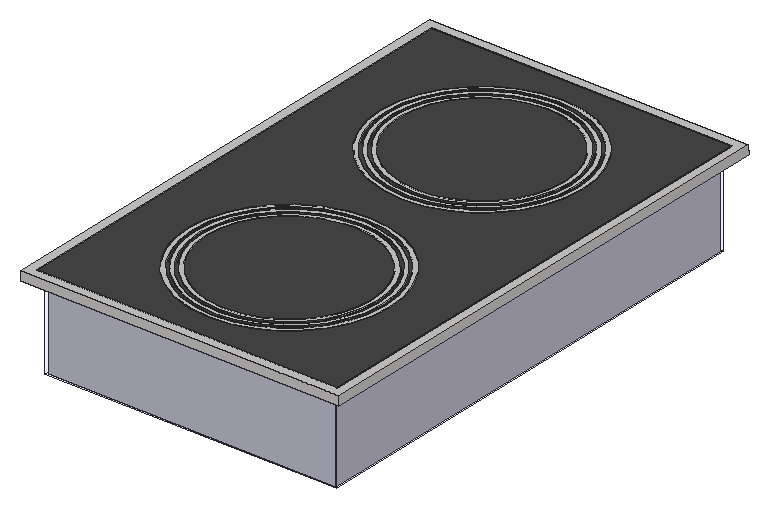
Revit family "QF_Vollrath_69508", category Specialty Equipment, Revit 2016
Family settings
  Part Type = Normal
  Round Connector Dimension = Use Diameter
  OmniClass Number = 23.40.40.14.17.14
  OmniClass Title = Hot Plates
  Work Plane-Based = No
  Always vertical = Yes
  Cut with Voids When Loaded = No
  Shared = No
  Room Calculation Point = No
Parameters (values of type "208V")
  Weight in Pounds = 43
  Watts = 60000 W
  Watermarked By = "http://revitwatermark.com"
  Volts = 208 V
  URL Cutsheet = ""
  URL = "www.vollrathco.com"
  Status [instance] = ""
  Specification by User [instance] = ""
  Specification by Manufacturer [instance] = ""
  Serial Number [instance] = ""
  Revision Code [instance] = ""
  Phase = 1
  Number of Poles = 1
  NAFEM Spec ID Number [instance] = ""
  Model = "69508"
  Masterspec [instance] = ""
  Manufacturer = "Vollrath"
  Item Number [instance] = "-"
  Installed By [instance] = ""
  Height AFF [instance] = 2' - 11"
  Furnished By [instance] = ""
  Foodservice Equipment Identifier [instance] = yes
  FL Amps = 29.2 A
  Electrical Remarks [instance] = ""
  Electric Connection Type [instance] = ""
  Elec Conn RI Height [instance] = 0' - 0"
  Elec Conn Connection Height [instance] = Height AFF - 0' 2 5/8"  # 2' - 8 3/8"
  Description = "Induction Range, Drop-In"
  Cycle = 60 Hz
  Conn Plug = "NEMA 6-20P"
  CSI MasterFormat = "11 44 00"
  Assembly Code = "E1090320"
  Apparent Power = Volts * FL Amps  # 6073.6 VA
Types (3): name | Watts | Volts | Apparent Power
  (no name) | 60000 W | 208 V | 6073.6 VA
  208V | 60000 W | 208 V | 6073.6 VA
  240V | 70000 W | 240 V | 7008 VA
Reference planes (in)
  plane 1 "BACK": y = 0
  plane 2: z = 0
  plane 3 "LEFT": x = -25.3466
  plane 4 "RIGHT": x = -7.9716
  plane 5 "FRONT": y = -27.875
  plane 6 "Bottom Left": x = -24.4716
  plane 7 "Bottom Right": x = -8.8466
  plane 8 "Bottom Back": y = -0.875
  plane 9 "Bottom Front": y = -27
  plane 10 "Table Top": z = 35
  plane 11 "BOTTOM": z = 29.875
  plane 12: z = 34.5
  plane 13: y = 3
  plane 14: z = 28.875
Forms (in)
  Extrusion 1, solid, material "QF_Finishes_Stainless Steel"
    sketch origin (0, 0, 29.875) x (0, 1, 0) y (-1, 0, 0)
      loop
        line (-0.875, 24.4716) -> (-27, 24.4716) -> (-27, 8.8466) -> (-0.875, 8.8466) -> (-0.875, 24.4716)
    from 0 to 4.625
  Extrusion 2, solid, material "QF_Finishes_Stainless Steel"
    sketch origin (0, 0, 35) x (0, 1, 0) y (-1, 0, 0)
      loop
        line (0, 25.3466) -> (-27.875, 25.3466) -> (-27.875, 7.9716) -> (0, 7.9716) -> (0, 25.3466)
      loop
        line (-27.375, 24.8466) -> (-27.375, 8.4716) -> (-0.5, 8.4716) -> (-0.5, 24.8466) -> (-27.375, 24.8466)
    from 0 to -0.5
  Extrusion 3, solid, material "QF_Finishes_Glazed Black"
    sketch origin (0, 0, 35) x (0, 1, 0) y (-1, 0, 0)
      loop
        line (-0.5, 24.8466) -> (-27.375, 24.8466) -> (-27.375, 8.4716) -> (-0.5, 8.4716) -> (-0.5, 24.8466)
      loop
        circle (-7.375, 16.5966) r 5.5
      loop
        circle (-7.375, 16.5966) r 5.25
      loop
        circle (-7.375, 16.5966) r 5.125
      loop
        circle (-7.375, 16.5966) r 4.875
      loop
        circle (-7.375, 16.5966) r 4.75
      loop
        circle (-7.375, 16.5966) r 4.5
      loop
        circle (-20.5, 16.5966) r 5.5
      loop
        circle (-20.5, 16.5966) r 5.25
      loop
        circle (-20.5, 16.5966) r 5.125
      loop
        circle (-20.5, 16.5966) r 4.875
      loop
        circle (-20.5, 16.5966) r 4.75
      loop
        circle (-20.5, 16.5966) r 4.5
    from 0 to -0.5
  Extrusion 4, solid, material "QF_Finishes_Stainless Steel"
    sketch origin (0, 1, 35) x (0, 1, 0) y (-1, 0, 0)
      loop
        circle (-8.375, 16.5966) r 5.5
      loop
        circle (-8.375, 16.5966) r 5.25
      loop
        circle (-8.375, 16.5966) r 5.125
      loop
        circle (-8.375, 16.5966) r 4.875
      loop
        circle (-8.375, 16.5966) r 4.75
      loop
        circle (-8.375, 16.5966) r 4.5
    from 0 to -0.5
  Extrusion 5, solid, material "QF_Finishes_Clearances", detail levels coarse
    sketch origin (0, 0, 29.875) x (0, 1, 0) y (-1, 0, 0)
      loop
        line (3, 25.3466) -> (0, 25.3466) -> (0, 7.9716) -> (3, 7.9716) -> (3, 25.3466)
    from -1 to 4.625
  Extrusion 6, solid, material "QF_Finishes_Clearances", detail levels coarse
    sketch origin (0, 0, 29.875) x (0, 1, 0) y (-1, 0, 0)
      loop
        line (0, 25.3466) -> (-27.875, 25.3466) -> (-27.875, 7.9716) -> (0, 7.9716) -> (0, 25.3466)
    from 0 to -1
  Extrusion 7, solid, material "QF_Finishes_Clearances"
    sketch origin (0, 0, 29.875) x (0, 1, 0) y (-1, 0, 0)
      loop
        line (-0.875, 8.8466) -> (-0.875, 24.4716) -> (-27, 24.4716) -> (-27, 8.8466) -> (-0.875, 8.8466)
      loop
        line (-0.75, 8.7216) -> (-0.75, 24.5966) -> (-27.125, 24.5966) -> (-27.125, 8.7216) -> (-0.75, 8.7216)
    from 0 to 4.625
  Extrusion 8, solid, material "QF_Finishes_Stainless Steel"
    sketch origin (0, -28.875, 35) x (0, -1, 0) y (1, 0, 0)
      loop
        circle (-8.375, -16.5966) r 5.5
      loop
        circle (-8.375, -16.5966) r 5.25
      loop
        circle (-8.375, -16.5966) r 5.125
      loop
        circle (-8.375, -16.5966) r 4.875
      loop
        circle (-8.375, -16.5966) r 4.75
      loop
        circle (-8.375, -16.5966) r 4.5
    from 0 to -0.5
Lines and regions (in)
  symbolic lines
    curve 1: line (-25.3466, 0, 29.875) -> (-7.9716, 0, 29.875)
    curve 2: line (-25.3466, -27.875, 29.875) -> (-25.3466, 0, 29.875)
    curve 3: line (-7.9716, -27.875, 29.875) -> (-25.3466, -27.875, 29.875)
    curve 4: line (-7.9716, 0, 29.875) -> (-7.9716, -27.875, 29.875)
    curve 5: line (-24.8466, -0.5, 29.875) -> (-24.8466, -27.375, 29.875)
    curve 6: line (-8.4716, -0.5, 29.875) -> (-24.8466, -0.5, 29.875)
    curve 7: line (-8.4716, -27.375, 29.875) -> (-8.4716, -0.5, 29.875)
    curve 8: line (-24.8466, -27.375, 29.875) -> (-8.4716, -27.375, 29.875)
    curve 9: arc (-16.5966, -12.875, 29.875) -> (-11.0966, -7.375, 29.875) -> (-16.5966, -1.875, 29.875) r 5.5
    curve 10: arc (-16.5966, -1.875, 29.875) -> (-22.0966, -7.375, 29.875) -> (-16.5966, -12.875, 29.875) r 5.5
    curve 11: arc (-16.5966, -2.25, 29.875) -> (-21.7216, -7.375, 29.875) -> (-16.5966, -12.5, 29.875) r 5.125
    curve 12: arc (-16.5966, -2.625, 29.875) -> (-21.3466, -7.375, 29.875) -> (-16.5966, -12.125, 29.875) r 4.75
    curve 13: arc (-16.5966, -12.5, 29.875) -> (-11.4716, -7.375, 29.875) -> (-16.5966, -2.25, 29.875) r 5.125
    curve 14: arc (-16.5966, -12.125, 29.875) -> (-11.8466, -7.375, 29.875) -> (-16.5966, -2.625, 29.875) r 4.75
    curve 20: arc (-16.5966, -15, 29.875) -> (-11.0966, -20.5, 29.875) -> (-16.5966, -26, 29.875) r 5.5
    curve 21: arc (-16.5966, -26, 29.875) -> (-22.0966, -20.5, 29.875) -> (-16.5966, -15, 29.875) r 5.5
    curve 22: arc (-16.5966, -25.625, 29.875) -> (-21.7216, -20.5, 29.875) -> (-16.5966, -15.375, 29.875) r 5.125
    curve 23: arc (-16.5966, -25.25, 29.875) -> (-21.3466, -20.5, 29.875) -> (-16.5966, -15.75, 29.875) r 4.75
    curve 24: arc (-16.5966, -15.375, 29.875) -> (-11.4716, -20.5, 29.875) -> (-16.5966, -25.625, 29.875) r 5.125
    curve 25: arc (-16.5966, -15.75, 29.875) -> (-11.8466, -20.5, 29.875) -> (-16.5966, -25.25, 29.875) r 4.75
  symbolic lines, style "QF_Clearances"
    curve 15: line (-25.3466, 3, 29.875) -> (-7.9716, 3, 29.875)
  model lines, style "QF_Cutout"
    curve 16: line (-24.5966, -27.125, 35) -> (-24.5966, -27.125, 41)
    curve 17: line (-8.7216, -27.125, 35) -> (-8.7216, -27.125, 41)
    curve 18: line (-24.5966, -0.75, 35) -> (-24.5966, -0.75, 41)
    curve 19: line (-8.7216, -0.75, 35) -> (-8.7216, -0.75, 41)
Dimensions and locks (in)
  locked: plane 4 "RIGHT" to plane 3 "LEFT" at 17.375
  locked: plane 5 "FRONT" to plane 1 "BACK" at 27.875
  locked: plane 3 "LEFT" to plane 6 "Bottom Left" at 0.875
  locked: plane 7 "Bottom Right" to plane 4 "RIGHT" at 0.875
  locked: plane 1 "BACK" to plane 8 "Bottom Back" at 0.875
  locked: plane 9 "Bottom Front" to plane 5 "FRONT" at 0.875
  "Height AFF": plane 10 "Table Top" to plane 2
  locked: plane 10 "Table Top" to plane 12 at 0.5
  locked: plane 10 "Table Top" to plane 11 "BOTTOM" at 5.125
  locked: Extrusion 2 sketch curve to plane 5 "FRONT" at 0.5
  locked: Extrusion 2 sketch curve to plane 1 "BACK" at 0.5
  locked: plane 3 "LEFT" to Extrusion 2 sketch curve at 0.5
  locked: Extrusion 2 sketch curve to plane 4 "RIGHT" at 0.5
  locked: Extrusion 3 sketch curve to plane 1 "BACK" at 0.5
  locked: Extrusion 3 sketch curve to plane 5 "FRONT" at 0.5
  locked: plane 3 "LEFT" to Extrusion 3 sketch curve at 0.5
  locked: Extrusion 3 sketch curve to plane 4 "RIGHT" at 0.5
  locked: plane 13 to plane 1 "BACK" at 3
  locked: plane 11 "BOTTOM" to plane 14 at 1
  locked: Extrusion 7 sketch curve to plane 6 "Bottom Left" at 0.125
  locked: plane 7 "Bottom Right" to Extrusion 7 sketch curve at 0.125
  locked: Extrusion 7 sketch curve to plane 8 "Bottom Back" at 0.125
  locked: Extrusion 7 sketch curve to plane 9 "Bottom Front" at 0.125
  aligned and locked: level to plane 2
  aligned and locked: Extrusion 1 sketch curve to plane 8 "Bottom Back"
  aligned and locked: plane 6 "Bottom Left" to Extrusion 1 sketch curve
  aligned and locked: plane 9 "Bottom Front" to Extrusion 1 sketch curve
  aligned and locked: Extrusion 1 sketch curve to plane 7 "Bottom Right"
  aligned and locked: plane 12 to Extrusion 1
  aligned and locked: plane 1 "BACK" to Extrusion 2 sketch curve
  aligned and locked: plane 3 "LEFT" to Extrusion 2 sketch curve
  aligned and locked: Extrusion 2 sketch curve to plane 5 "FRONT"
  aligned and locked: Extrusion 2 sketch curve to plane 4 "RIGHT"
  aligned and locked: Extrusion 2 to plane 12
  aligned and locked: Extrusion 3 to plane 12
  aligned and locked: Extrusion 4 to plane 12
  aligned and locked: Extrusion 5 sketch curve to plane 13
  aligned and locked: Extrusion 5 sketch curve to plane 4 "RIGHT"
  aligned and locked: Extrusion 5 sketch curve to plane 1 "BACK"
  aligned and locked: plane 3 "LEFT" to Extrusion 5 sketch curve
  aligned: plane 10 "Table Top" to Extrusion 5
  aligned and locked: plane 3 "LEFT" to Extrusion 6 sketch curve
  aligned and locked: plane 1 "BACK" to Extrusion 6 sketch curve
  aligned and locked: Extrusion 6 sketch curve to plane 4 "RIGHT"
  aligned and locked: Extrusion 6 sketch curve to plane 5 "FRONT"
  aligned and locked: Extrusion 6 to plane 14
  aligned and locked: Extrusion 5 to plane 14
  aligned and locked: plane 1 "BACK" to curve 1
  aligned and locked: curve 4 to plane 4 "RIGHT"
  aligned and locked: plane 3 "LEFT" to curve 2
  aligned and locked: curve 3 to plane 5 "FRONT"
  aligned and locked: curve 5 to Extrusion 3
  aligned and locked: curve 6 to Extrusion 3
  aligned and locked: curve 7 to Extrusion 3
  aligned and locked: curve 8 to Extrusion 3
  aligned and locked: curve 9 to Extrusion 4
  aligned and locked: curve 10 to Extrusion 4
  aligned and locked: curve 11 to Extrusion 4
  aligned and locked: curve 12 to Extrusion 4
  aligned and locked: curve 13 to Extrusion 4
  aligned and locked: curve 14 to Extrusion 4
  aligned and locked: curve 15 to plane 13
  aligned and locked: plane 12 to Extrusion 5
  aligned and locked: Extrusion 7 sketch curve to plane 9 "Bottom Front"
  aligned and locked: Extrusion 7 sketch curve to plane 6 "Bottom Left"
  aligned and locked: plane 7 "Bottom Right" to Extrusion 7 sketch curve
  aligned and locked: plane 8 "Bottom Back" to Extrusion 7 sketch curve
  aligned and locked: plane 12 to Extrusion 7
Automatic sketch dimensions
  Extrusion 4 sketch curve to Extrusion 4 sketch curve = 0' - 0"  (x30)
  Extrusion 4 sketch curve to plane 8 "Bottom Back" = 0' - 6 1/2"
  Extrusion 4 sketch curve to plane 7 "Bottom Right" = 0' - 7 3/4"
  curve 16 to Extrusion 7 = 0' - 0"
  curve 17 to Extrusion 7 = 0' - 0"
  curve 17 to Extrusion 7 = 0' - 0 1/2"
  curve 16 to Extrusion 7 = 0' - 0 1/2"
  curve 17 to curve 17 = 0' - 6"
  curve 16 to curve 16 = 0' - 6"
  Extrusion 7 to curve 19 = 0' - 0"
  Extrusion 7 to curve 18 = 0' - 0"
  curve 19 to Extrusion 7 = 0' - 0 1/2"
  curve 18 to Extrusion 7 = 0' - 0 1/2"
  curve 19 to curve 19 = 0' - 6"
  curve 18 to curve 18 = 0' - 6"
  Extrusion 8 sketch curve to Extrusion 8 sketch curve = 0' - 0"  (x30)
  Extrusion 8 sketch curve to plane 9 "Bottom Front" = 0' - 6 1/2"
  plane 7 "Bottom Right" to Extrusion 8 sketch curve = 0' - 7 3/4"
  Extrusion 3 sketch curve to Extrusion 3 sketch curve = 0' - 0"  (x60)
  plane 9 "Bottom Front" to Extrusion 3 sketch curve = 0' - 6 1/2"
  Extrusion 3 sketch curve to plane 8 "Bottom Back" = 0' - 6 1/2"
  Extrusion 3 sketch curve to plane 7 "Bottom Right" = 0' - 7 3/4"  (x2)
  curve 20 to curve 21 = 0' - 0"  (x2)
  curve 20 to curve 22 = 0' - 0"  (x2)
  curve 20 to curve 23 = 0' - 0"  (x2)
  curve 20 to curve 24 = 0' - 0"  (x2)
  curve 20 to curve 25 = 0' - 0"  (x2)
  curve 21 to curve 22 = 0' - 0"  (x2)
  curve 21 to curve 23 = 0' - 0"  (x2)
  curve 21 to curve 24 = 0' - 0"  (x2)
  curve 21 to curve 25 = 0' - 0"  (x2)
  curve 22 to curve 23 = 0' - 0"  (x2)
  curve 22 to curve 24 = 0' - 0"  (x2)
  curve 22 to curve 25 = 0' - 0"  (x2)
  curve 23 to curve 24 = 0' - 0"  (x2)
  curve 23 to curve 25 = 0' - 0"  (x2)
  curve 24 to curve 25 = 0' - 0"  (x2)
  curve 15 to plane 4 "RIGHT" = 0' - 0"
  curve 15 to plane 3 "LEFT" = 0' - 0"
  plane 9 "Bottom Front" to curve 21 = 0' - 1"
  curve 20 to curve 24 = 0' - 0 3/8"
  curve 22 to curve 25 = 0' - 0 3/8"
  curve 23 to curve 24 = 0' - 4 3/4"
  curve 24 to plane 7 "Bottom Right" = 0' - 7 3/4"
  radius of Extrusion 4 sketch curve = 0' - 5 1/2"
  radius of Extrusion 4 sketch curve = 0' - 5 1/4"
  radius of Extrusion 4 sketch curve = 0' - 5 1/8"
  radius of Extrusion 4 sketch curve = 0' - 4 7/8"
  radius of Extrusion 4 sketch curve = 0' - 4 3/4"
  radius of Extrusion 4 sketch curve = 0' - 4 1/2"
  radius of Extrusion 8 sketch curve = 0' - 5 1/2"
  radius of Extrusion 8 sketch curve = 0' - 5 1/4"
  radius of Extrusion 8 sketch curve = 0' - 5 1/8"
  radius of Extrusion 8 sketch curve = 0' - 4 7/8"
  radius of Extrusion 8 sketch curve = 0' - 4 3/4"
  radius of Extrusion 8 sketch curve = 0' - 4 1/2"
  radius of Extrusion 3 sketch curve = 0' - 5 1/2"  (x2)
  radius of Extrusion 3 sketch curve = 0' - 5 1/4"  (x2)
  radius of Extrusion 3 sketch curve = 0' - 5 1/8"  (x2)
  radius of Extrusion 3 sketch curve = 0' - 4 7/8"  (x2)
  radius of Extrusion 3 sketch curve = 0' - 4 3/4"  (x2)
  radius of Extrusion 3 sketch curve = 0' - 4 1/2"  (x2)
Connectors (in)
  electrical at (-16.6591, -0.875, 32.1875), driven by "Number of Poles", driven by "Volts", driven by "Apparent Power"
    settings: on Extrusion 1, index 1, voltage 208 V, apparent load 6073.6 VA, apparent load phase1 0 VA, apparent load phase2 0 VA, apparent load phase3 0 VA, power factor 1, load classification "Other", number of poles 1, system type 30, power factor state 1, is connector primary yes, connector utility no, sub classification motor no, connector description "Electric"
